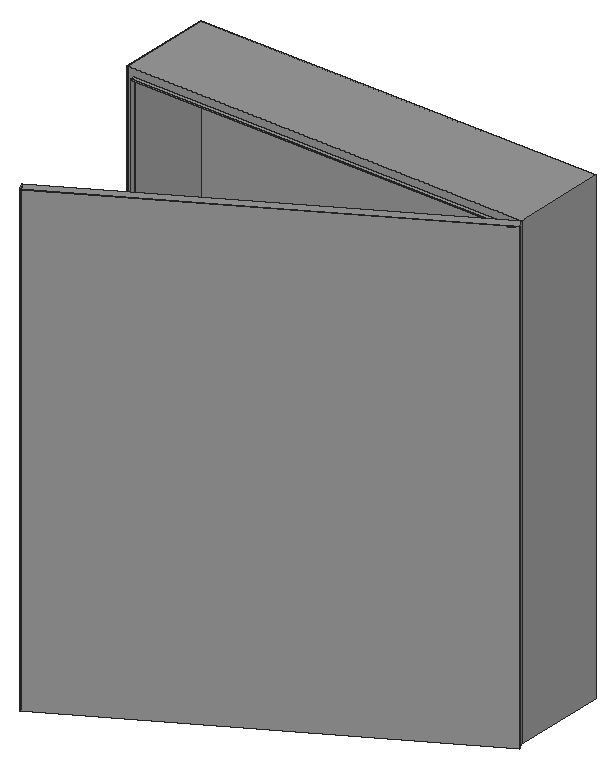
Revit family "Hager-Univers-IP44-D205-H950-Cl.II-Encl-NoHosted-NL-en", category Equipement électrique, Revit 2020
Family settings
  Configuration du panneau = Deux colonnes, circuits au sein
  Cote de connecteur circulaire = Utiliser le diamètre
  Type d'élément = Tableau de raccordement
  Basée sur le plan de construction = Oui
  Toujours verticalement = Oui
  Couper avec des vides une fois chargée = Non
  Partagée = Non
  Point de calcul de pièce = Non
Parameters (values of type "Surface mounted (plaster) IP44 W800 H950 D205  - FP63QS")
  Width Control [instance] = if([EF000008 - Width] > Min Width, [EF000008 - Width], Min Width)  # 800 mm
  Commentaires du type = [HG000003 - Range]  # "Univers"
  Thickness Door [instance] = if([EF009171 - Material plate thickness door/cover] > 3 mm, 3 mm, [EF009171 - Material plate thickness door/cover])  # 1 mm
  Seal Frame Offset [instance] = 17 mm  # constant formula
  Plinth Visibility [instance] = [HG000027 - Plinth height] > 0 mm  # no
  Min Width [instance] = 100 mm  # constant formula
  Min Depth [instance] = (2 * [EF009170 - Material plate thickness cabinet]) + 1 mm  # 3 mm
  Min Height [instance] = 100 mm  # constant formula
  Internal Frame Depth [instance] = (Door System Depth * 0.5)  # 9 mm
  Panel Name [instance] = ""  # (empty or 0)
  Model = ""
  HG000027 - Plinth height = 0 mm
  HG000026 - Floor standing = no
  HG000024 - Bottom section height = 600 mm
  HG000023 - Double section enclosure = no
  HG000016 - Door 3d visibility [instance] = yes
  HG000015 - Clearance visibility [instance] = no
  HG000014 - Door on the right [instance] = yes
  HG000013 - Door on the left [instance] = not([HG000014 - Door on the right])  # no
  HG000012 - Door swing angle [instance] = 30.00°
  HG000010 - Asymmetric doors = no
  HG000009 - Double swing door = no
  HG000006 - Flush mounted = no
  HG000004 - Manufacturer reference = "FP63QS"
  HG000003 - Range = "Univers"
  HG000002 - With door or cover = yes
  Frame Offset Bottom [instance] = 10 mm  # constant formula
  Frame Offset [instance] = 15 mm  # constant formula
  EF015940 - Cover with overpressure release = no
  EF011959 - Degree of protection (NEMA) = ""
  EF009554 - Number of openings for flange plates = 6
  EF009212 - Cover model = "EV000116 - Closed"
  EF009171 - Material plate thickness door/cover = 1 mm
  EF009170 - Material plate thickness cabinet = 1 mm
  EF008873 - Nominal current (In) = 250 A
  EF007800 - Suitable for lightning protection = no
  EF006306 - With lock = no
  EF006244 - Transparent cover/door = no
  EF005474 - Degree of protection (IP) = "EV006418 - IP44"
  EF004464 - Type of door = "EV002646 - Single"
  EF004427 - Number of modules = 216
  EF004293 - Impact strength = "EV006815 - IK09"
  EF003532 - Suitable for outdoor use = no
  EF002950 - Width in number of modular spacings = 36
  EF001613 - Circuit integrity = "EV000494 - None"
  EF001596 - Material housing = "EV000179 - Steel"
  EF001131 - Internal depth = 143 mm
  EF001088 - Extension possible = yes
  EF000437 - Number of conduit inlets = 6
  EF000339 - Type of cover = "EV001012 - Cover"
  EF000266 - Number of rows = 6
  EF000218 - Built-in depth = 0 mm
  EF000118 - With mounting plate = no
  EF000116 - RAL-number = "9010"
  EF000049 - Depth = 205 mm
  EF000040 - Height = 950 mm
  EF000008 - Width = 800 mm
  EF000007 - Colour = "EV000202 - White"
  EF000003 - Mounting method = "EV000384 - Surface mounted (plaster)"
  Door System Leaf Tolerance [instance] = 1.5 mm  # constant formula
  Door System Depth [instance] = 18 mm  # constant formula
  Door Height [instance] = Height Control - [HG000027 - Plinth height]  # 950 mm
  Description = ""
  Default Elevation = 1219.2 mm
  Connector Offset [instance] = Height Control / 2  # 475 mm
  Fabricant = "Hager"  # constant formula
  Height Control [instance] = if([EF000040 - Height] > Min Height, [EF000040 - Height], Min Height)  # 950 mm
  Depth Control [instance] = if([EF000049 - Depth] > Min Depth, [EF000049 - Depth], Min Depth)  # 205 mm
  Bottom Top Plate Trim [instance] = 1.5 mm  # constant formula
  Plinth height Ctrl [instance] = if([HG000027 - Plinth height] > 0 mm, [HG000027 - Plinth height], 12 mm)  # 12 mm
Types (5, lengths in mm): name | Width Control | HG000009 - Double swing door | HG000004 - Manufacturer reference | EF009554 - Number of openings for flange plates | EF004464 - Type of door | EF004427 - Number of modules | EF002950 - Width in number of modular spacings | EF001131 - Internal depth | EF000437 - Number of conduit inlets | EF000008 - Width
  Surface mounted (plaster) IP44 W1050 H950 D205  - FP64QS | 1050 | yes | "FP64QS" | 8 | "EV003602 - Double" | 288 | 48 | 143 | 8 | 1050
  Surface mounted (plaster) IP44 W1300 H950 D205  - FP65QS | 1300 | yes | "FP65QS" | 10 | "EV003602 - Double" | 360 | 60 | 143 | 10 | 1300
  Surface mounted (plaster) IP44 W300 H950 D205  - FP61QS | 300 | no | "FP61QS" | 2 | "EV002646 - Single" | 72 | 12 | 143 | 2 | 300
  Surface mounted (plaster) IP44 W550 H950 D205  - FP62QS | 550 | no | "FP62QS" | 4 | "EV002646 - Single" | 144 | 24 | 130 | 4 | 550
  Surface mounted (plaster) IP44 W800 H950 D205  - FP63QS | 800 | no | "FP63QS" | 6 | "EV002646 - Single" | 216 | 36 | 143 | 6 | 800
Reference planes
  plane 1 "Center (Front/Back)": y = 0
  plane 2: z = 0
  plane 3 "Center (Left/Right)": x = 0
  plane 4: y = 0
  plane 5: y = 0
  plane 6: z = 0
  plane 7: x = -400
  plane 8: x = 400
  plane 9: x = 399
  plane 10: x = -399
  plane 11: z = 0
  plane 12: z = 1
  plane 13: y = -205
  plane 14: y = -1
  plane 15: x = 0
  plane 16: y = -187
  plane 17: y = -204
  plane 18: y = -186
  plane 19: x = -384
  plane 20: x = 384
  plane 21: z = 11
  plane 22: x = -383
  plane 23: x = 383
  plane 24: z = 0
  plane 25: z = 950
  plane 26: z = 950
  plane 27: z = 934
  plane 28: z = 949
Forms (mm)
  Extrusion 1, solid, material "Hager_Steel_RAL7035_Light_Grey", detail levels medium+fine
    sketch origin (-208.679, -4572, 0) x (-1, 0, 0) y (0, -1, 0)
      loop
        line (191.321, -4385) -> (-608.679, -4385) -> (-608.679, -4572) -> (191.321, -4572) -> (191.321, -4385)
    from 0 to 950
  Extrusion 2, void
    sketch origin (-350.771, -205, 1219.2) x (1, 0, 0) y (0, 0, 1)
      loop
        line (-48.229, -270.2) -> (-48.229, -1218.2) -> (749.771, -1218.2) -> (749.771, -270.2) -> (-48.229, -270.2)
    from -19 to -204
  Extrusion 3, void
    sketch origin (-290.084, -187, 1219.2) x (1, 0, 0) y (0, 0, 1)
      loop
        line (-93.916, -1208.2) -> (674.084, -1208.2) -> (674.084, -285.2) -> (-93.916, -285.2) -> (-93.916, -1208.2)
    from 0 to -1
  Extrusion 4, solid, material "Hager_Steel_RAL7035_Light_Grey", visible <- "Plinth Visibility", detail levels medium+fine
    sketch origin (0, 0, 0) x (1, 0, 0) y (0, 1, 0)
      loop
        line (-400, 0) -> (-400, -187) -> (400, -187) -> (400, 0) -> (-400, 0)
    from 0 to 12 <- "Plinth height Ctrl"
  Extrusion 5, solid, material "Hager_Steel_RAL7035_Light_Grey", detail levels coarse
    sketch origin (0, 0, 0) x (1, 0, 0) y (0, 1, 0)
      loop
        line (-400, 0) -> (-400, -205) -> (400, -205) -> (400, 0) -> (-400, 0)
    from 0 to 950 <- "Height Control"
  Sweep 6, void
    path in 3D
      loop
        line (-400, -187, 12) -> (400, -187, 12) -> (400, 0, 12) -> (-400, 0, 12) -> (-400, -187, 12)
    profile origin (-400, -93.5, 12) x (1, 0, 0) y (0, 0, 1)
      loop
        line (0, 0) -> (0, -1.5) -> (1.5, -1.5)
        arc (1.5, -1.5) -> (1.061, -0.439) -> (0, 0) r 1.5
  Extrusion 7, solid, material "Hager_Steel_RAL7035_Light_Grey", detail levels fine
    sketch origin (-400, -187, 0) x (1, 0, 0) y (0, 0, 1)
      loop
        line (16, 11) -> (784, 11) -> (784, 934) -> (16, 934) -> (16, 11)
      loop
        line (15, 10) -> (785, 10) -> (785, 935) -> (15, 935) -> (15, 10)
    from 0 to 9 <- "Internal Frame Depth"
Cuts and joins
  Extrusion 2, Extrusion 3 cuts Extrusion 1
  Sweep 6 cuts Extrusion 4
Lines and regions (mm)
  Masking region 1
    outline origin (0, 0, 0) x (1, 0, 0) y (0, 1, 0)
      loop
        line (-400, 0) -> (-400, -205) -> (400, -205) -> (400, 0) -> (-400, 0)
  Masking region 2, detail levels coarse
    outline origin (-290.084, -187, 1219.2) x (-1, 0, 0) y (0, 0, 1)
      loop
        line (-690.084, -1219.2) -> (109.916, -1219.2) -> (109.916, -269.2) -> (-690.084, -269.2) -> (-690.084, -1219.2)
  Masking region 3, detail levels coarse
    outline origin (0, 0, 0) x (0, 1, 0) y (0, 0, 1)
      loop
        line (0, 0) -> (0, 950) -> (-205, 950) -> (-205, 0) -> (0, 0)
  Masking region 4, visible <- "Plinth Visibility", detail levels medium+fine
    outline origin (0, 0, 0) x (0, 1, 0) y (0, 0, 1)
      loop
        line (-1.5, 12) -> (-185.5, 12)
        arc (-185.5, 12) -> (-185.939, 10.939) -> (-187, 10.5) r 1.5
        line (-187, 10.5) -> (-187, 0) -> (0, 0) -> (0, 10.5)
        arc (0, 10.5) -> (-1.061, 10.939) -> (-1.5, 12) r 1.5
  Masking region 5, detail levels medium+fine
    outline origin (0, 0, 594.038) x (0, 1, 0) y (0, 0, 1)
      loop
        line (0, -594.038) -> (0, 355.962) -> (-187, 355.962) -> (-187, -594.038) -> (0, -594.038)
  Masking region 6, detail levels medium+fine
    outline origin (-359.7, -187, 1211.883) x (-1, 0, 0) y (0, 0, 1)
      loop
        line (-759.7, -1211.883) -> (40.3, -1211.883) -> (40.3, -261.883) -> (-759.7, -261.883) -> (-759.7, -1211.883)
  Masking region 7, visible <- "Plinth Visibility", detail levels medium+fine
    outline origin (-320.334, -187, 1041.368) x (-1, 0, 0) y (0, 0, 1)
      loop
        line (-720.334, -1041.368) -> (79.666, -1041.368) -> (79.666, -1030.868)
        arc (79.666, -1030.868) -> (78.606, -1030.429) -> (78.166, -1029.368) r 1.5
        line (78.166, -1029.368) -> (-718.834, -1029.368)
        arc (-718.834, -1029.368) -> (-719.273, -1030.429) -> (-720.334, -1030.868) r 1.5
        line (-720.334, -1030.868) -> (-720.334, -1041.368)
  sketch lines
    curve 1: line (-400, 0, 12) -> (-400, -187, 12)
    curve 2: line (-400, -187, 12) -> (400, -187, 12)
    curve 3: line (400, 0, 12) -> (-400, 0, 12)
    curve 4: line (400, -187, 12) -> (400, 0, 12)
Dimensions and locks
  locked: plane 1 "Center (Front/Back)" to plane 5
  "EF009170 - Material plate thickness cabinet": plane 7 to plane 10
  "EF009170 - Material plate thickness cabinet": plane 8 to plane 9
  equal spacing: plane 7, plane 3 "Center (Left/Right)", plane 8
  "Width Control": plane 7 to plane 8
  "Depth Control": plane 4 to plane 13
  "EF009170 - Material plate thickness cabinet": plane 4 to plane 14
  "Height Control": plane 25 to level
  "HG000027 - Plinth height": plane 11 to level
  "EF009170 - Material plate thickness cabinet": plane 12 to plane 11
  "EF009170 - Material plate thickness cabinet": plane 17 to plane 13
  "EF009170 - Material plate thickness cabinet": plane 18 to plane 16
  "Frame Offset Bottom": plane 21 to plane 12
  "Frame Offset": plane 10 to plane 19
  "Frame Offset": plane 9 to plane 20
  "Door System Depth": plane 16 to plane 13
  "Seal Frame Offset": plane 7 to plane 22
  "Seal Frame Offset": plane 8 to plane 23
  "EF009170 - Material plate thickness cabinet": plane 26 to plane 28
  "Frame Offset": plane 28 to plane 27
  "Connector Offset": plane 2 to connector elem
  "Bottom Top Plate Trim": profile plane to Sweep 6 sketch curve
  "Bottom Top Plate Trim": Sweep 6 sketch curve to Sweep 6 sketch curve
  "Plinth height Ctrl": Masking region 4 sketch curve to level
  "Plinth height Ctrl": Masking region 7 sketch curve to level
  "Thickness Door": Extrusion 7 sketch curve to Extrusion 7 sketch curve  (x4)
  "Bottom Top Plate Trim": radius of Sweep 6 sketch curve
  "Bottom Top Plate Trim": radius of Masking region 4 sketch curve  (x2)
  "Bottom Top Plate Trim": radius of Masking region 7 sketch curve  (x2)
  aligned and locked: Extrusion 2 sketch curve to plane 12
  aligned and locked: Extrusion 2 sketch curve to plane 9
  aligned and locked: Extrusion 2 sketch curve to plane 10
  aligned and locked: Extrusion 2 to plane 14
  aligned and locked: Extrusion 1 sketch curve to plane 4
  aligned and locked: plane 8 to Extrusion 1 sketch curve
  aligned and locked: plane 7 to Extrusion 1 sketch curve
  aligned and locked: Extrusion 2 to plane 18
  aligned and locked: Extrusion 3 sketch curve to plane 19
  aligned and locked: plane 20 to Extrusion 3 sketch curve
  aligned and locked: Extrusion 3 to Extrusion 2
  aligned and locked: Extrusion 3 sketch curve to plane 21
  aligned and locked: plane 3 "Center (Left/Right)" to nested 1
  aligned and locked: Extrusion 1 sketch curve to plane 16
  aligned and locked: Extrusion 4 sketch curve to cut or joined group of Extrusion 1, Extrusion 2, Extrusion 3
  aligned and locked: Masking region 1 sketch curve to plane 7
  aligned and locked: Masking region 1 sketch curve to plane 5
  aligned and locked: Masking region 1 sketch curve to plane 8
  aligned and locked: Masking region 2 sketch curve to level
  aligned and locked: level to Masking region 3 sketch curve
  aligned and locked: plane 1 "Center (Front/Back)" to Masking region 3 sketch curve
  aligned and locked: plane 13 to Masking region 3 sketch curve
  aligned and locked: plane 5 to Masking region 4 sketch curve
  aligned and locked: Masking region 2 sketch curve to plane 8
  aligned and locked: Masking region 2 sketch curve to plane 7
  aligned and locked: plane 7 to nested 2
  aligned and locked: nested 2 to plane 5
  aligned and locked: plane 5 to Masking region 5 sketch curve
  aligned and locked: plane 26 to Masking region 5 sketch curve
  aligned and locked: Extrusion 5 sketch curve to plane 8
  aligned and locked: Extrusion 5 sketch curve to plane 7
  aligned and locked: Extrusion 5 sketch curve to plane 5
  aligned and locked: Extrusion 3 sketch curve to plane 27
  aligned and locked: Extrusion 2 sketch curve to plane 28
  aligned and locked: Masking region 2 to plane 25
  aligned and locked: Extrusion 4 to plane 16
  aligned and locked: profile plane to Sweep 6 sketch curve
  aligned and locked: Masking region 5 sketch curve to plane 24
  aligned and locked: level to Masking region 4 sketch curve
  aligned and locked: Masking region 1 to plane 13
  aligned and locked: nested 1 to plane 16
  aligned and locked: Masking region 3 to plane 25
  aligned and locked: plane 16 to Masking region 4 sketch curve
  aligned and locked: Masking region 5 sketch curve to plane 16
  aligned and locked: plane 24 to plane 11
  aligned and locked: plane 26 to plane 25
  aligned and locked: plane 26 to cut or joined group of Extrusion 1, Extrusion 2, Extrusion 3
  aligned and locked: nested 1 to plane 24
  aligned and locked: Extrusion 1 to Extrusion 3
  aligned and locked: Masking region 6 sketch curve to plane 8
  aligned and locked: Masking region 6 sketch curve to plane 24
  aligned and locked: Masking region 6 sketch curve to plane 7
  aligned and locked: Masking region 6 sketch curve to plane 26
  aligned and locked: Masking region 7 sketch curve to plane 7
  aligned and locked: level to Masking region 7 sketch curve
  aligned and locked: Masking region 7 sketch curve to plane 8
  aligned and locked: Extrusion 7 sketch curve to cut or joined group of Extrusion 1, Extrusion 2, Extrusion 3  (x4)
Automatic sketch dimensions
  plane 19 to Extrusion 3 sketch curve = 0 mm
  Extrusion 3 sketch curve to plane 20 = 0 mm
  Extrusion 3 sketch curve to plane 21 = 0 mm
  Extrusion 4 sketch curve to plane 7 = 0 mm
  Extrusion 4 sketch curve to plane 8 = 0 mm
  Extrusion 4 sketch curve to plane 16 = 0 mm
  Masking region 1 sketch curve to plane 13 = 0 mm
  Masking region 2 sketch curve to plane 25 = 0 mm
  Masking region 3 sketch curve to plane 25 = 0 mm
  Extrusion 5 sketch curve to plane 13 = 0 mm
  profile plane to Sweep 6 sketch curve = 0 mm
Nested families
  nested 1: "EC000058_Univers_Door" at (0, -187, 0), Double <- "HG000009 - Double swing door", Transparent <- "EF006244 - Transparent cover/door", Angle <- "HG000012 - Door swing angle", Door_Right <- "HG000014 - Door on the right", Assymetrical <- "HG000010 - Asymmetric doors", Door <- "HG000002 - With door or cover", Width_Ctrl <- "Width Control", 3d_Door <- "HG000016 - Door 3d visibility", Clearance <- "HG000015 - Clearance visibility", Door_Left <- "HG000013 - Door on the left", Width <- "Width Control", Door_Depth <- "Door System Depth", Leaf_Tolerance <- "Door System Leaf Tolerance", Height <- "Door Height", Lock_Visibility <- "EF006306 - With lock", Thickness <- "Thickness Door", type "EC000058_Univers_Door", detail levels medium+fine
    with min_wh 3 mm, Width_Ctrl 800 mm, Width 800 mm, Transparent no, Thickness 1 mm, Seal_Material Hager_Rubber, Lock_Visibility no, Lock_Material Hager_Plastic_RAL9005_Jet_Black, Leaf_Width 800 mm, Leaf_Tolerance_External_Sides 0 mm, Leaf_Tolerance 1.5 mm, Leaf_Offset 0 mm, Leaf_Height 947 mm, Leaf_2_Width 800 mm, Leaf_2_Offset 400 mm, Leaf_1_Width 800 mm, Leaf_1_Offset 400 mm, Height_Ctrl 950 mm, Height 950 mm, Glass_Material Hager_Glass, Double_Clearance_Ctrl no, Double no, Door_Right_Ctrl yes, Door_Right yes, Door_Material Hager_Steel_RAL7035_Light_Grey, Door_Left_Ctrl no, Door_Left no, Door_Depth 18 mm, Door yes, Clearance_Material Hager_Clearance, Clearance_Depth 800 mm, Clearance_Ctrl no, Clearance no, Assymetrical no, Angle 30.00°, 3d_Door yes
  nested 2: "Hager_Enclosure_Symbol" at (-400, 0, 0), Height <- "Depth Control", Width <- "Width Control", type "Hager_Enclosure_Symbol"
    with Width_Ctrl 800 mm, Width 800 mm, Height_Ctrl 205 mm, Height 205 mm, A_Width_Int 13.453 mm, A_Width 161.438 mm, A_Height_Ctrl 179.375 mm, A_Height 179.375 mm
Connectors
  electrical at (0, 0, 475)
    settings: on plane 1 "Center (Front/Back)", index 1, voltage 0 V, apparent load 0 VA, apparent load phase1 0 VA, apparent load phase2 0 VA, apparent load phase3 0 VA, power factor 1, load classification "Other", number of poles 1, system type 30, power factor state 1, is connector primary yes, connector utility no, sub classification motor no, connector description ""
Definition of nested family "EC000058_Univers_Door"
  Parameters (values of type "EC000058_Univers_Door")
    min_wh [instance] = (2 * Thickness) + 1 mm  # 11 mm
    Width_Ctrl [instance] = 400 mm
    Width [instance] = 500 mm
    Transparent [instance] = yes
    Thickness [instance] = 5 mm
    Seal_Material [instance] = none
    Lock_Visibility [instance] = yes
    Lock_Material [instance] = none
    Leaf_Width [instance] = if((Width_Ctrl - 2 * Leaf_Tolerance_External_Sides) > 0 mm, (Width_Ctrl - 2 * Leaf_Tolerance_External_Sides), min_wh)  # 400 mm
    Leaf_Tolerance_External_Sides [instance] = 0 mm  # constant formula
    Leaf_Tolerance [instance] = 1.5 mm
    Leaf_Offset [instance] = 0 mm  # constant formula
    Leaf_Height [instance] = if((Height_Ctrl - 2 * Leaf_Tolerance) > 0 mm, (Height_Ctrl - 2 * Leaf_Tolerance), min_wh)  # 497 mm
    Leaf_2_Width [instance] = if(and(and(Double, Assymetrical), Door_Left), (Leaf_Width / 3) - (Leaf_Tolerance / 2), if(and(and(Double, Assymetrical), Door_Right), (Leaf_Width / 3) * 2 - (Leaf_Tolerance / 2), if(and(Double, not(Assymetrical)), (Leaf_Width / 2) - Leaf_Tolerance, Leaf_Width)))  # 400 mm
    Leaf_2_Offset [instance] = if(and(Double, Assymetrical), Leaf_2_Width / 2, if(and(Double, not(Assymetrical)), Leaf_Width / 4, Leaf_Width / 2))  # 200 mm
    Leaf_1_Width [instance] = if(and(and(Double, Assymetrical), Door_Right), (Leaf_Width / 3) - (Leaf_Tolerance / 2), if(and(and(Double, Assymetrical), Door_Left), (Width / 3) * 2 - (Leaf_Tolerance / 2), if(and(Double, not(Assymetrical)), (Leaf_Width / 2) - Leaf_Tolerance, Leaf_Width)))  # 400 mm
    Leaf_1_Offset [instance] = if(and(Double, Assymetrical), Leaf_1_Width / 2, if(and(Double, not(Assymetrical)), Leaf_Width / 4, Leaf_Width / 2))  # 200 mm
    Height_Ctrl [instance] = if(Height > min_wh, Height, min_wh)  # 500 mm
    Height [instance] = 500 mm
    Glass_Material [instance] = none
    Double_Clearance_Ctrl [instance] = and(Double, Clearance)  # no
    Double [instance] = no
    Door_Right_Ctrl [instance] = and(or(Door_Right, Double), Door)  # yes
    Door_Right [instance] = yes
    Door_Material [instance] = none
    Door_Left_Ctrl [instance] = and(or(Door_Left, Double), Door)  # no
    Door_Left [instance] = no
    Door_Depth [instance] = 30 mm
    Door [instance] = yes
    Default Elevation = 1219.2 mm
    Clearance_Material [instance] = none
    Clearance_Depth [instance] = if(Leaf_1_Width > Leaf_2_Width, Leaf_1_Width, Leaf_2_Width)  # 400 mm
    Clearance_Ctrl [instance] = and(not(Double), Clearance)  # yes
    Clearance [instance] = yes
    Assymetrical [instance] = yes
    Angle [instance] = 30.00°
    3d_Door [instance] = yes
  Reference planes
    plane 1 "Center (Front/Back)": y = 0
    plane 2 "Bottom": z = 0
    plane 3 "Center (Left/Right)": x = 0
    plane 4: z = 500
    plane 5: x = -200
    plane 6: x = 200
    plane 7: z = 500
    plane 8: x = -200
    plane 9: z = 0
    plane 10: x = 200
    plane 11: y = 0
    plane 12: z = 1.5
    plane 13: x = -600
    plane 14: y = -400
    plane 15: x = 600
    plane 16: x = 0
    plane 17: x = 0
    plane 18: x = -200
    plane 19: x = 200
    plane 20: z = 498.5
  Forms (mm)
    Extrusion 1, solid, material <- "Clearance_Material", visible <- "Double_Clearance_Ctrl"
      sketch origin (1200, 0, 0) x (1, 0, 0) y (0, 0, -1)
        loop
          line (-1800, -498.5) -> (-600, -498.5) -> (-600, 0) -> (-1800, 0) -> (-1800, -498.5)
      from 0 to -400
  Dimensions and locks
    equal spacing: plane 5, plane 3 "Center (Left/Right)", plane 6
    "Width_Ctrl": plane 5 to plane 6
    "Leaf_Offset": plane 5 to plane 8
    "Leaf_Offset": plane 6 to plane 10
    "Leaf_Offset": plane 9 to level
    "Leaf_Offset": plane 4 to plane 7
    "Height_Ctrl": plane 4 to level
    "Leaf_Tolerance": plane 12 to plane 9
    locked: plane 11 to plane 1 "Center (Front/Back)"
    "Leaf_1_Offset": plane 18 to plane 16
    "Leaf_2_Offset": plane 17 to plane 19
    "Leaf_1_Width": plane 13 to plane 8
    "Leaf_2_Width": plane 10 to plane 15
    "Clearance_Depth": plane 14 to plane 1 "Center (Front/Back)"
    "Leaf_Tolerance_External_Sides": plane 8 to plane 18
    "Leaf_Tolerance_External_Sides": plane 19 to plane 10
    "Leaf_Tolerance": plane 7 to plane 20
    aligned and locked: level to plane 2 "Bottom"
    aligned and locked: nested 1 to plane 16
    aligned and locked: nested 2 to plane 17
    aligned and locked: Extrusion 1 to plane 13
    aligned and locked: plane 15 to Extrusion 1
    aligned and locked: Extrusion 1 to plane 14
    aligned and locked: plane 12 to nested 1
    aligned and locked: nested 2 to plane 12
    aligned and locked: Extrusion 1 to plane 11
    aligned and locked: plane 20 to Extrusion 1
    aligned and locked: nested 2 to plane 11
    aligned and locked: nested 1 to plane 11
  Automatic sketch dimensions
    Extrusion 1 sketch curve to level = 0 mm
    plane 5 to Extrusion 1 sketch curve = 400 mm
    plane 6 to Extrusion 1 sketch curve = 400 mm
    Extrusion 1 sketch curve to plane 4 = 1.5 mm
  Nested families
    nested 1: "EC000058_Univers_Door_Leaf" at (0, 0, 1.5), Width <- "Leaf_1_Width", visible <- "Door_Left_Ctrl", Leaf_Height <- "Leaf_Height", Angle <- "Angle", 3d_Door <- "3d_Door", Transparent <- "Transparent", Clearance Material <- "Clearance_Material", Clearance <- "Clearance_Ctrl", Door_Material <- "Door_Material", Glass_Material <- "Glass_Material", Door_Depth <- "Door_Depth", Lock_Material <- "Lock_Material", Seal_Material <- "Seal_Material", Lock_Visibility <- "Lock_Visibility", Thickness <- "Thickness", type "EC000058_Univers_Door_Leaf"
      with Width 400 mm, Transparent_Glass_Offset 30 mm, Transparent_Ctrl yes, Transparent yes, Thickness 5 mm, Standard no, Seal_Material none, Seal_D2 8 mm, Seal_D1 1 mm, Offset_Internal_Frame 10 mm, Lock_Width 20 mm, Lock_Visibility_3d yes, Lock_Visibility yes, Lock_Thickness_3 3 mm, Lock_Thickness_2 1 mm, Lock_Thickness_1 3 mm, Lock_Radius_Offset_2 16 mm, Lock_Radius_Offset_1 15 mm, Lock_Radius_2 5 mm, Lock_Radius 6 mm, Lock_Offset 5 mm, Lock_Material none, Lock_Height 80 mm, Lock_Cover_Top_Offset_2d 17 mm, Lock_Cover_Height -65 mm, Leaf_Height 497 mm, Internal_Seal_Thickness 8 mm, Internal_Seal_Depth_2 4.5 mm, Internal_Frame_Depth 25 mm, Glass_Thickness -1 mm, Glass_Offset -2 mm, Glass_Material none, Door_Material none, Door_Depth 30 mm, Clearance Material none, Clearance yes, Angle_Ctrl 30.00°, Angle 30.00°, 3d_Door yes
    nested 2: "EC000058_Univers_Door_Leaf" at (0, 0, 1.5) x (-1, 0, 0) z (0, 0, 1), Width <- "Leaf_2_Width", visible <- "Door_Right_Ctrl", Leaf_Height <- "Leaf_Height", Angle <- "Angle", 3d_Door <- "3d_Door", Transparent <- "Transparent", Clearance Material <- "Clearance_Material", Clearance <- "Clearance_Ctrl", Door_Material <- "Door_Material", Glass_Material <- "Glass_Material", Door_Depth <- "Door_Depth", Lock_Material <- "Lock_Material", Seal_Material <- "Seal_Material", Lock_Visibility <- "Lock_Visibility", Thickness <- "Thickness", type "EC000058_Univers_Door_Leaf"
      with Width 400 mm, Transparent_Glass_Offset 30 mm, Transparent_Ctrl yes, Transparent yes, Thickness 5 mm, Standard no, Seal_Material none, Seal_D2 8 mm, Seal_D1 1 mm, Offset_Internal_Frame 10 mm, Lock_Width 20 mm, Lock_Visibility_3d yes, Lock_Visibility yes, Lock_Thickness_3 3 mm, Lock_Thickness_2 1 mm, Lock_Thickness_1 3 mm, Lock_Radius_Offset_2 16 mm, Lock_Radius_Offset_1 15 mm, Lock_Radius_2 5 mm, Lock_Radius 6 mm, Lock_Offset 5 mm, Lock_Material none, Lock_Height 80 mm, Lock_Cover_Top_Offset_2d 17 mm, Lock_Cover_Height -65 mm, Leaf_Height 497 mm, Internal_Seal_Thickness 8 mm, Internal_Seal_Depth_2 4.5 mm, Internal_Frame_Depth 25 mm, Glass_Thickness -1 mm, Glass_Offset -2 mm, Glass_Material none, Door_Material none, Door_Depth 30 mm, Clearance Material none, Clearance yes, Angle_Ctrl 30.00°, Angle 30.00°, 3d_Door yes
  Definition of nested family "EC000058_Univers_Door_Leaf"
    Parameters (values of type "EC000058_Univers_Door_Leaf")
      Width [instance] = 2000 mm
      Transparent_Glass_Offset [instance] = 30 mm
      Transparent_Ctrl [instance] = and(Transparent, [3d_Door])  # yes
      Transparent [instance] = yes
      Thickness [instance] = 5 mm
      Standard [instance] = and(not(Transparent), [3d_Door])  # no
      Seal_Material [instance] = none
      Seal_D2 [instance] = 8 mm  # constant formula
      Seal_D1 [instance] = 1 mm  # constant formula
      Offset_Internal_Frame [instance] = 10 mm  # constant formula
      Lock_Width [instance] = 20 mm  # constant formula
      Lock_Visibility_3d [instance] = and(Lock_Visibility, [3d_Door])  # yes
      Lock_Visibility [instance] = yes
      Lock_Thickness_3 [instance] = 3 mm  # constant formula
      Lock_Thickness_2 [instance] = 1 mm  # constant formula
      Lock_Thickness_1 [instance] = 3 mm  # constant formula
      Lock_Radius_Offset_2 [instance] = Lock_Radius_Offset_1 + 1 mm  # 16 mm
      Lock_Radius_Offset_1 [instance] = 15 mm  # constant formula
      Lock_Radius_2 [instance] = Lock_Radius - 1 mm  # 5 mm
      Lock_Radius [instance] = 6 mm  # constant formula
      Lock_Offset [instance] = 5 mm  # constant formula
      Lock_Material [instance] = none
      Lock_Height [instance] = 80 mm  # constant formula
      Lock_Cover_Top_Offset_2d [instance] = Lock_Radius_Offset_2 + 1 mm  # 17 mm
      Lock_Cover_Height [instance] = -(Lock_Height - Lock_Radius_Offset_1)  # -65 mm
      Leaf_Height [instance] = 2720.336 mm
      Internal_Seal_Thickness [instance] = 8 mm  # constant formula
      Internal_Seal_Depth_2 [instance] = 4.5 mm  # constant formula
      Internal_Frame_Depth [instance] = if(Door_Depth - Thickness > 5 mm, Door_Depth - Thickness, 5 mm)  # 25 mm
      Glass_Thickness [instance] = if(Thickness > 15 mm, Glass_Offset + 10 mm, -1 mm)  # -1 mm
      Glass_Offset [instance] = if(Thickness > 15 mm, -(Thickness + 10 mm) / 2, -2 mm)  # -2 mm
      Glass_Material [instance] = none
      Door_Material [instance] = none
      Door_Depth [instance] = 30 mm
      Default Elevation = 0 mm
      Clearance Material [instance] = none
      Clearance [instance] = yes
      Angle_Ctrl [instance] = if(Angle > 180.00°, 180.00°, Angle)  # 90.00°
      Angle [instance] = 90.00°
      3d_Door [instance] = yes
    Reference planes
      plane 1 "Center (Front/Back)": y = 0
      plane 2: z = 0
      plane 3 "Center (Left/Right)": x = 0
      plane 4: y = 2000
      plane 5: x = -1000
      plane 6: x = 1000
      plane 7: x = -3000
      plane 8: z = 2720.336
      plane 9: z = 30
      plane 10: z = 2690.336
      plane 11: x = 970
      plane 12: x = -970
      plane 13: y = -3
      plane 14: z = 107.833
      plane 15: y = -5
      plane 16: y = -223.314
      plane 17: x = -1000
      plane 18: z = 1360.168
      plane 19: y = 30
    Forms (mm)
      Extrusion 1, solid, material <- "Clearance Material", visible <- "Clearance"
        sketch origin (0, 0, 0) x (1, 0, 0) y (0, 0, 1)
          loop
            line (-3000, 2720.336) -> (-3000, 0) -> (1000, 0) -> (1000, 2720.336) -> (-3000, 2720.336)
        from 0 to -2000
      Extrusion 2, solid, material <- "Door_Material", visible <- "Standard", detail levels medium+fine
        sketch origin (-1000, 0, 0) x (0, 1, 0) y (-1, 0, 0)
          loop
            line (0, 30) -> (0, 25) -> (2000, 25) -> (2000, 30) -> (0, 30)
        from 0 to 2720.336 <- "Leaf_Height"
      Extrusion 3, solid, material <- "Door_Material", visible <- "Transparent_Ctrl", detail levels medium+fine
        sketch origin (-1000, 0, 0) x (0, 1, 0) y (-1, 0, 0)
          loop
            line (0, 25) -> (2000, 25) -> (2000, 30) -> (0, 30) -> (0, 25)
        from 0 to 2720.336 <- "Leaf_Height"
      Extrusion 4, void
        sketch origin (-1025, 2000, 0) x (0, 1, 0) y (0, 0, -1)
          loop
            line (-30, -2690.336) -> (-30, -30) -> (-1970, -30) -> (-1970, -2690.336) -> (-30, -2690.336)
        from 0 to 5 <- "Thickness"
      Sweep 5, solid, material <- "Seal_Material", visible <- "Transparent_Ctrl", detail levels fine
        path in 3D
          loop
            line (-1025, 30, 30) -> (-1025, 30, 2690.336) -> (-1025, 1970, 2690.336) -> (-1025, 1970, 30) -> (-1025, 30, 30)
        profile origin (-1025, 1000, 30) x (1, 0, 0) y (0, 0, 1)
          loop
            line (0, 0) -> (0, -8) -> (1, -8) -> (1, 0) -> (0, 0)
      Extrusion 6, solid, material <- "Glass_Material", visible <- "Transparent_Ctrl", detail levels medium+fine
        sketch origin (-1030, 0, 0) x (0, 1, 0) y (0, 0, -1)
          loop
            line (1970, -2690.336) -> (1970, -30) -> (30, -30) -> (30, -2690.336) -> (1970, -2690.336)
        from -2 <- "Glass_Offset" to -1 <- "Glass_Thickness"
      Extrusion 7, solid, material <- "Door_Material", visible <- "3d_Door", detail levels medium+fine
        sketch origin (-1025, 2000, 0) x (0, -1, 0) y (0, 0, -1)
          loop
            line (0, -2720.336) -> (2000, -2720.336) -> (2000, 0) -> (0, 0) -> (0, -2720.336)
          loop
            line (1995, -5) -> (5, -5) -> (5, -2715.336) -> (1995, -2715.336) -> (1995, -5)
        from 0 to 25 <- "Internal_Frame_Depth"
      Sweep 8, solid, material <- "Seal_Material", visible <- "Transparent_Ctrl", detail levels fine
        path in 3D
          loop
            line (-1025, 0, 0) -> (-1025, 2000, 0) -> (-1025, 2000, 2720.336) -> (-1025, 0, 2720.336) -> (-1025, 0, 0)
        profile origin (-1025, 0, 1360.168) x (1, 0, 0) y (0, 1, 0)
          loop
            line (0, 10) -> (2.975, 10)
            arc (2.975, 10) -> (4.053, 10.447) -> (4.5, 11.525) r 1.525
            line (4.5, 11.525) -> (4.5, 16.527)
            arc (4.5, 16.527) -> (4.069, 17.569) -> (3.027, 18) r 1.473
            line (3.027, 18) -> (0, 18) -> (0, 10)
      Extrusion 9, solid, material <- "Lock_Material", visible <- "Lock_Visibility_3d", detail levels fine
        sketch origin (-1030, 0, 0) x (0, 1, 0) y (0, 0, -1)
          loop
            arc (1993.5, -1400.168) -> (1994.561, -1399.729) -> (1995, -1398.668) r 1.5
            line (1995, -1398.668) -> (1995, -1320.168) -> (1975, -1320.168) -> (1975, -1398.668)
            arc (1975, -1398.668) -> (1975.439, -1399.729) -> (1976.5, -1400.168) r 1.5
            line (1976.5, -1400.168) -> (1993.5, -1400.168)
        from 3 <- "Lock_Thickness_1" to 0
      Blend 10, solid, material <- "Lock_Material", visible <- "Lock_Visibility_3d", detail levels fine
        base sketch origin (-1033, 0, 0) x (0, 1, 0) y (0, 0, -1)
          loop
            line (1975, -1320.168) -> (1975, -1398.668)
            arc (1975, -1398.668) -> (1975.439, -1399.729) -> (1976.5, -1400.168) r 1.5
            line (1976.5, -1400.168) -> (1993.5, -1400.168)
            arc (1993.5, -1400.168) -> (1994.561, -1399.729) -> (1995, -1398.668) r 1.5
            line (1995, -1398.668) -> (1995, -1320.168) -> (1975, -1320.168)
        top sketch origin (-1033, 0, 0) x (0, 1, 0) y (0, 0, -1)
          loop
            line (1976, -1320.168) -> (1976, -1398.668)
            arc (1976, -1398.668) -> (1976.146, -1399.022) -> (1976.5, -1399.168) r 0.5
            line (1976.5, -1399.168) -> (1993.5, -1399.168)
            arc (1993.5, -1399.168) -> (1993.854, -1399.022) -> (1994, -1398.668) r 0.5
            line (1994, -1398.668) -> (1994, -1320.168) -> (1976, -1320.168)
        from 0 to 1 <- "Lock_Thickness_2"
      Blend 11, solid, material <- "Lock_Material", visible <- "Lock_Visibility_3d", detail levels fine
        base sketch origin (-1034, 0, 0) x (0, 1, 0) y (0, 0, -1)
          loop
            line (1978, -1320.168) -> (1978, -1384.168)
            arc (1978, -1384.168) -> (1985, -1391.168) -> (1992, -1384.168) r 7
            line (1992, -1384.168) -> (1992, -1320.168) -> (1978, -1320.168)
        top sketch origin (-1034, 0, 0) x (0, 1, 0) y (0, 0, -1)
          loop
            line (1991, -1320.168) -> (1979, -1320.168) -> (1979, -1383.168)
            arc (1979, -1383.168) -> (1985, -1389.168) -> (1991, -1383.168) r 6
            line (1991, -1383.168) -> (1991, -1320.168)
        from 0 to 3 <- "Lock_Thickness_3"
      Extrusion 12, solid, material <- "Lock_Material", visible <- "Lock_Visibility_3d", detail levels fine
        sketch origin (-1030, 1975, 1320.168) x (1, 0, 0) y (0, -1, 0)
          loop
            line (-7, -19) -> (-7, -1) -> (0, -1) -> (0, 0) -> (-8, 0) -> (-8, -20) -> (0, -20) -> (0, -19) -> (-7, -19)
        from 0 to -65 <- "Lock_Cover_Height"
      Extrusion 13, void
        sketch origin (-1038, 1995, 1320.168) x (-1, 0, 0) y (0, 0, -1)
          loop
            line (-5, -65) -> (0, -65) -> (-5, -60) -> (-5, -65)
        from 0 to 20 <- "Lock_Width"
      Extrusion 14, void
        sketch origin (-1038, 1975, 1320.168) x (0, -1, 0) y (0, 0, -1)
          loop
            circle (-10, -15.995) r 6
          loop
            circle (-10, -15.995) r 5
        from 0 to 2
      Extrusion 15, solid, material <- "Lock_Material", visible <- "Lock_Visibility_3d", detail levels medium
        sketch origin (-1030, 0, 0) x (0, 1, 0) y (0, 0, -1)
          loop
            arc (1993.5, -1400.168) -> (1994.561, -1399.729) -> (1995, -1398.668) r 1.5
            line (1995, -1398.668) -> (1995, -1320.168) -> (1975, -1320.168) -> (1975, -1398.668)
            arc (1975, -1398.668) -> (1975.439, -1399.729) -> (1976.5, -1400.168) r 1.5
            line (1976.5, -1400.168) -> (1993.5, -1400.168)
        from 8 to 0
    Cuts and joins
      Extrusion 4 cuts Extrusion 3
      Extrusion 13, Extrusion 14 cuts Extrusion 9
      Extrusion 14 cuts Blend 11
      Extrusion 13, Extrusion 14 cuts Extrusion 12
      joined: Extrusion 9, Blend 10, Blend 11, Extrusion 12
      Extrusion 14 cuts Extrusion 15
    Lines and regions (mm)
      Masking region 1, visible <- "Lock_Visibility", detail levels fine
        outline origin (0, 0, 0) x (0, 1, 0) y (0, 0, 1)
          loop
            line (30, 1320.168) -> (33, 1320.168) -> (33, 1400.168) -> (30, 1400.168) -> (30, 1320.168)
      Masking region 2, visible <- "Lock_Visibility", detail levels fine
        outline origin (0, 3.143, 0) x (0, 1, 0) y (0, 0, 1)
          loop
            line (29.857, 1354.168) -> (30.857, 1354.168) -> (30.857, 1366.168) -> (29.857, 1366.168) -> (29.857, 1354.168)
      Masking region 3, detail levels medium+fine
        outline origin (0, 0, 0) x (0, 1, 0) y (0, 0, 1)
          loop
            line (0, 0) -> (30, 0) -> (30, 2720.336) -> (0, 2720.336) -> (0, 0)
      Masking region 4, detail levels medium+fine
        outline origin (0, 0, 0) x (1, 0, 0) y (0, 0, 1)
          loop
            line (-1000, 2720.336) -> (-1000, 0) -> (1000, 0) -> (1000, 2720.336) -> (-1000, 2720.336)
      Masking region 5, visible <- "Lock_Visibility", detail levels fine
        outline origin (-47.116, 0, 0) x (1, 0, 0) y (0, 0, 1)
          loop
            arc (1024.616, 1399.168) -> (1023.556, 1398.729) -> (1023.116, 1397.668) r 1.5
            line (1023.116, 1397.668) -> (1023.116, 1320.168) -> (1041.116, 1320.168) -> (1041.116, 1397.668)
            arc (1041.116, 1397.668) -> (1040.677, 1398.729) -> (1039.616, 1399.168) r 1.5
            line (1039.616, 1399.168) -> (1024.616, 1399.168)
      Masking region 6, visible <- "Lock_Visibility", detail levels medium+fine
        outline origin (-25, 0, 0) x (1, 0, 0) y (0, 0, 1)
          loop
            arc (1001.5, 1400.168) -> (1000.439, 1399.729) -> (1000, 1398.668) r 1.5
            line (1000, 1398.668) -> (1000, 1320.168) -> (1020, 1320.168) -> (1020, 1398.668)
            arc (1020, 1398.668) -> (1019.561, 1399.729) -> (1018.5, 1400.168) r 1.5
            line (1018.5, 1400.168) -> (1001.5, 1400.168)
      Masking region 7, visible <- "Lock_Visibility", detail levels fine
        outline origin (-73.735, 0, 0) x (1, 0, 0) y (0, 0, 1)
          loop
            line (1051.735, 1382.168) -> (1065.735, 1382.168) -> (1065.735, 1384.168)
            arc (1065.735, 1384.168) -> (1058.735, 1391.168) -> (1051.735, 1384.168) r 7
            line (1051.735, 1384.168) -> (1051.735, 1382.168)
      Masking region 8, visible <- "Lock_Visibility", detail levels fine
        outline origin (-73.735, 0, 0) x (1, 0, 0) y (0, 0, 1)
          loop
            line (1052.735, 1382.168) -> (1064.735, 1382.168) -> (1064.735, 1383.168)
            arc (1064.735, 1383.168) -> (1058.735, 1389.168) -> (1052.735, 1383.168) r 6
            line (1052.735, 1383.168) -> (1052.735, 1382.168)
      Masking region 9, visible <- "Lock_Visibility", detail levels fine
        outline origin (-25, 0, 0) x (1, 0, 0) y (0, 0, 1)
          loop
            line (1020, 1320.168) -> (1020, 1382.168) -> (1000, 1382.168) -> (1000, 1320.168) -> (1020, 1320.168)
      Masking region 10, detail levels medium+fine
        outline origin (0, 0, 0) x (1, 0, 0) y (0, 0, 1)
          loop
            circle (985, 1335.144) r 6
      Masking region 11, detail levels fine
        outline origin (0, 0, 0) x (1, 0, 0) y (0, 0, 1)
          loop
            circle (985, 1335.144) r 5
      Masking region 12, visible <- "Lock_Visibility", detail levels fine
        outline origin (0, 12.767, 0) x (0, 1, 0) y (0, 0, 1)
          loop
            line (20.233, 1320.168) -> (21.233, 1320.168) -> (21.233, 1399.168) -> (20.233, 1400.168) -> (20.233, 1320.168)
      Masking region 13, visible <- "Lock_Visibility", detail levels fine
        outline origin (0, 13.767, -10) x (0, 1, 0) y (0, 0, 1)
          loop
            line (20.233, 1330.168) -> (23.233, 1330.168) -> (23.233, 1399.168) -> (20.233, 1402.168) -> (20.233, 1330.168)
      Masking region 14, visible <- "Lock_Visibility", detail levels fine
        outline origin (0, 12.767, -10) x (0, 1, 0) y (0, 0, 1)
          loop
            line (20.233, 1330.168) -> (25.233, 1330.168) -> (25.233, 1399.305) -> (20.233, 1394.305) -> (20.233, 1330.168)
      Masking region 15, visible <- "Lock_Visibility", detail levels medium
        outline origin (0, 0, 0) x (0, 1, 0) y (0, 0, 1)
          loop
            line (30, 1320.168) -> (38, 1320.168) -> (38, 1400.168) -> (30, 1400.168) -> (30, 1320.168)
      Masking region 16, visible <- "Lock_Visibility", detail levels fine
        outline origin (-1000, 0, 0) x (0, 1, 0) y (-1, 0, 0)
          loop
            line (1975, 30) -> (1995, 30) -> (1995, 38) -> (1975, 38) -> (1975, 30)
          loop
            line (1979, 37) -> (1976, 37) -> (1976, 34) -> (1978, 34) -> (1979, 37)
          loop
            line (1994, 37) -> (1991, 37) -> (1992, 34) -> (1994, 34) -> (1994, 37)
      Masking region 17, visible <- "Lock_Visibility", detail levels medium
        outline origin (-1000, 0, 0) x (0, 1, 0) y (-1, 0, 0)
          loop
            line (1975, 30) -> (1995, 30) -> (1995, 38) -> (1975, 38) -> (1975, 30)
      symbolic lines
        curve 1: line (1000, 0, 0) -> (-3000, 0, 0)
        curve 2: arc (1000, 0, 0) -> (-1000, 2000, 0) -> (-3000, 0, 0) r 2000
        curve 4: line (-1030, 0, 0) -> (-1030, 2000, 0)
      reference lines
        curve 3: line (-1000, 0, 0) -> (-1000, 2000, 0)
      symbolic lines, detail levels medium+fine
        curve 5: line (-1030, 2000, 0) -> (-1025, 2000, 0)
        curve 7: line (-1025, 0, 0) -> (-1030, 0, 0)
        curve 8: line (-1025, 0, 0) -> (-1000, 0, 0)
        curve 9: line (-1000, 0, 0) -> (-1000, 2000, 0)
        curve 10: line (-1000, 2000, 0) -> (-1025, 2000, 0)
      symbolic lines, detail levels fine
        curve 6: line (-1025, 2000, 0) -> (-1025, 0, 0)
      sketch lines
        curve 11: line (-1025, 0, 2720.336) -> (-1025, 0, 0)
        curve 12: line (-1025, 2000, 0) -> (-1025, 0, 0)
        curve 13: line (-1025, 2000, 2720.336) -> (-1025, 2000, 0)
        curve 14: line (-1025, 0, 2720.336) -> (-1025, 2000, 2720.336)
        curve 15: line (-1025, 1970, 30) -> (-1025, 30, 30)
        curve 16: line (-1025, 30, 30) -> (-1025, 30, 2690.336)
        curve 17: line (-1025, 1970, 2690.336) -> (-1025, 1970, 30)
        curve 18: line (-1025, 30, 2690.336) -> (-1025, 1970, 2690.336)
      symbolic lines, visible <- "Transparent", detail levels medium+fine
        curve 19: line (-970, 0, 2690.336) -> (970, 0, 2690.336)
        curve 20: line (-970, 0, 30) -> (-970, 0, 2690.336)
        curve 21: line (970, 0, 30) -> (-970, 0, 30)
        curve 22: line (970, 0, 2690.336) -> (970, 0, 30)
    Dimensions and locks
      "Width": plane 1 "Center (Front/Back)" to plane 4
      equal spacing: plane 5, plane 3 "Center (Left/Right)", plane 6
      "Width": plane 5 to plane 6
      "Width": plane 7 to plane 5
      "Leaf_Height": plane 8 to level
      "Width": curve 5 to curve 3
      "Width": curve 3 to curve 3
      plane 8 to plane 10 = 30 mm
      plane 9 to level = 30 mm
      plane 12 to plane 5 = 30 mm
      plane 6 to plane 11 = 30 mm
      Extrusion 1 to Extrusion 4 sketch curve = 30 mm
      "Transparent_Glass_Offset": curve 3 to Extrusion 4 sketch curve
      "Transparent_Glass_Offset": Extrusion 4 sketch curve to cut or joined group of Extrusion 3, Extrusion 4  (x2)
      cut or joined group of Extrusion 3, Extrusion 4 to Extrusion 6 sketch curve = 30 mm
      "Transparent_Glass_Offset": cut or joined group of Extrusion 3, Extrusion 4 to Extrusion 4 sketch curve
      "Thickness": curve 6 to curve 4
      "Thickness": Extrusion 7 sketch curve to Extrusion 7 sketch curve  (x4)
      "Door_Depth": curve 4 to curve 3
      "Offset_Internal_Frame": profile plane to Sweep 8 sketch curve
      "Internal_Seal_Thickness": Sweep 8 sketch curve to Sweep 8 sketch curve
      "Internal_Seal_Depth_2": profile plane to Sweep 8 sketch curve
      "Seal_D1": profile plane to Sweep 5 sketch curve
      "Seal_D2": profile plane to Sweep 5 sketch curve
      "Thickness": Extrusion 2 sketch curve to Extrusion 2 sketch curve
      equal spacing: Extrusion 9 sketch curve, plane 18, Extrusion 9 sketch curve  (x2)
      equal spacing: Masking region 1 sketch curve, plane 18, Masking region 1 sketch curve
      "Lock_Height": Masking region 1 sketch curve to Masking region 1 sketch curve
      "Lock_Radius": Masking region 2 sketch curve to plane 18 to Masking region 2 sketch curve
      Masking region 2 sketch curve to Masking region 1 = 1 mm
      "Door_Depth": plane 19 to plane 1 "Center (Front/Back)"
      "Lock_Thickness_1": Masking region 1 sketch curve to plane 19
      "Lock_Width": Extrusion 9 sketch curve to Extrusion 9 sketch curve
      "Lock_Height": Extrusion 9 sketch curve to Extrusion 9 sketch curve
      "Lock_Offset": cut or joined group of Extrusion 3, Extrusion 4 to Extrusion 9 sketch curve
      equal spacing: plane 8, plane 18, level
      "Lock_Radius_Offset_1": Blend 11 sketch curve to Blend 10
      locked: Blend 10 to Blend 11 sketch curve at 2  (x2)
      locked: var sketch to Blend 11 sketch curve at 1  (x2)
      "Lock_Radius_Offset_2": Blend 11 sketch curve to Blend 10
      locked: Extrusion 12 sketch curve to Extrusion 12 sketch curve at 1  (x3)
      Masking region 6 sketch curve to Masking region 6 sketch curve = 80 mm
      "Lock_Height": Masking region 6 sketch curve to Masking region 6 sketch curve
      "Lock_Width": Masking region 6 sketch curve to Masking region 6 sketch curve
      locked: Masking region 6 to Masking region 5 sketch curve at 1  (x3)
      locked: Masking region 5 to Masking region 7 sketch curve at 2  (x2)
      "Lock_Radius_Offset_1": Masking region 5 to Masking region 7 sketch curve
      "Lock_Radius_Offset_2": Masking region 5 to Masking region 8 sketch curve
      locked: Masking region 7 to Masking region 8 sketch curve at 1  (x2)
      "Lock_Cover_Top_Offset_2d": Masking region 5 to Masking region 9 sketch curve
      equal spacing: Masking region 9, Masking region 10 sketch curve, Masking region 9
      equal spacing: Masking region 9, Masking region 11 sketch curve, Masking region 9
      Extrusion 15 sketch curve to Extrusion 15 sketch curve = 80 mm
      "Lock_Width": Extrusion 15 sketch curve to Extrusion 15 sketch curve
      "Lock_Height": Extrusion 15 sketch curve to Extrusion 15 sketch curve
      equal spacing: Extrusion 15 sketch curve, plane 18, Extrusion 15 sketch curve
      "Lock_Thickness_3": Masking region 13 sketch curve to Masking region 13 sketch curve
      "Lock_Height": Masking region 12 sketch curve to Masking region 12 sketch curve
      locked: Masking region 13 sketch curve to Masking region 1 at 8
      locked: Masking region 14 sketch curve to Masking region 13 at 1
      locked: Masking region 14 sketch curve to Masking region 1 at 10.863
      "Lock_Height": Masking region 15 sketch curve to Masking region 15 sketch curve
      "Lock_Offset": Extrusion 15 sketch curve to cut or joined group of Extrusion 3, Extrusion 4
      "Lock_Offset": plane 6 to Masking region 6 sketch curve
      radius of Sweep 8 sketch curve = 1.525 mm
      radius of Sweep 8 sketch curve = 1.473 mm
      radius of Extrusion 9 sketch curve = 1.5 mm  (x2)
      "Lock_Radius": radius of Extrusion 14 sketch curve
      "Lock_Radius_2": radius of Extrusion 14 sketch curve
      "Lock_Radius": radius of Masking region 10 sketch curve
      "Lock_Radius_2": radius of Masking region 11 sketch curve
      radius of Extrusion 15 sketch curve = 1.5 mm  (x2)
      "Angle_Ctrl": angle plane 1 "Center (Front/Back)" to curve 3
      locked: Masking region 12 sketch curve to Masking region 12 sketch curve (angle 45.00°)
      locked: Masking region 13 sketch curve to Masking region 13 sketch curve (angle 45.00°)
      locked: Masking region 14 sketch curve to Masking region 14 sketch curve (angle 45.00°)
      aligned and locked: level to plane 2
      aligned and locked: Extrusion 1 to curve 1
      aligned and locked: plane 6 to Extrusion 1
      aligned and locked: Extrusion 1 to plane 1 "Center (Front/Back)"
      aligned and locked: plane 4 to Extrusion 1
      aligned and locked: plane 8 to Extrusion 1
      aligned and locked: curve 7 to Extrusion 2 sketch curve
      aligned and locked: curve 5 to Extrusion 2 sketch curve
      aligned and locked: curve 7 to Extrusion 3 sketch curve
      aligned and locked: Extrusion 3 sketch curve to curve 4
      aligned and locked: Extrusion 3 sketch curve to curve 6
      aligned and locked: Extrusion 3 sketch curve to curve 5
      aligned and locked: curve 9 to curve 3
      aligned and locked: Extrusion 7 sketch curve to cut or joined group of Extrusion 3, Extrusion 4  (x4)
      aligned and locked: plane 17 to curve 3
      aligned and locked: plane 1 "Center (Front/Back)" to curve 3
      aligned and locked: plane 17 to plane 5
      aligned and locked: Sweep 8 sketch curve to profile plane
      aligned and locked: Sweep 5 sketch curve to profile plane  (x2)
      aligned and locked: Masking region 1 to Masking region 2 sketch curve
      aligned and locked: plane 19 to Masking region 1 sketch curve
      aligned and locked: plane 1 "Center (Front/Back)" to Masking region 3 sketch curve
      aligned and locked: plane 19 to Masking region 3 sketch curve
      aligned and locked: level to Masking region 3 sketch curve
      aligned and locked: Masking region 3 sketch curve to plane 8
      aligned and locked: plane 17 to Masking region 4 sketch curve
      aligned and locked: level to Masking region 4 sketch curve
      aligned and locked: Masking region 4 sketch curve to plane 8
      aligned and locked: plane 12 to curve 20
      aligned and locked: plane 10 to curve 19
      aligned and locked: plane 11 to curve 22
      aligned and locked: curve 21 to plane 9
      aligned and locked: Extrusion 2 sketch curve to cut or joined group of Extrusion 3, Extrusion 4
      aligned and locked: Blend 10 sketch curve to Extrusion 9  (x4)
      aligned and locked: Extrusion 9 to Blend 10 sketch curve
      aligned and locked: Blend 10 to Blend 11 sketch curve
      aligned and locked: Extrusion 12 sketch curve to Blend 11
      aligned and locked: Extrusion 12 sketch curve to Extrusion 9  (x4)
      aligned and locked: Masking region 5 sketch curve to Masking region 6
      aligned and locked: Masking region 9 sketch curve to Masking region 6  (x3)
      aligned and locked: Masking region 12 sketch curve to Masking region 1
      aligned and locked: Masking region 13 sketch curve to Masking region 1
      aligned and locked: Masking region 12 to Masking region 14
      aligned and locked: Masking region 14 sketch curve to Masking region 1
      aligned and locked: Masking region 15 sketch curve to Masking region 14
      aligned and locked: Masking region 13 sketch curve to Masking region 12
      aligned and locked: Masking region 16 sketch curve to cut or joined group of Extrusion 14, Extrusion 15  (x4)
      aligned and locked: Masking region 16 sketch curve to cut or joined group of Extrusion 9, Blend 10, Blend 11, Extrusion 12, Extrusion 13, Extrusion 14  (x6)
      aligned and locked: cut or joined group of Extrusion 9, Blend 10, Blend 11, Extrusion 12, Extrusion 13, Extrusion 14 to Masking region 16 sketch curve
      aligned and locked: Masking region 17 sketch curve to cut or joined group of Extrusion 14, Extrusion 15  (x3)
      aligned and locked: Masking region 17 sketch curve to cut or joined group of Extrusion 9, Blend 10, Blend 11, Extrusion 12, Extrusion 13, Extrusion 14
      aligned and locked: Masking region 9 to Masking region 8 sketch curve
      aligned and locked: Masking region 9 to Masking region 7 sketch curve
    Automatic sketch dimensions
      plane 1 "Center (Front/Back)" to curve 2 = 0 mm
      curve 2 to plane 5 = 0 mm
      Extrusion 1 sketch curve to level = 0 mm
      Extrusion 1 sketch curve to plane 7 = 0 mm
      Extrusion 1 sketch curve to plane 6 = 0 mm
      Extrusion 1 sketch curve to plane 8 = 0 mm
      Extrusion 3 to Extrusion 6 sketch curve = 30 mm  (x4)
      Masking region 4 sketch curve to plane 6 = 0 mm
      Blend 10 sketch curve to Extrusion 9 = 1.5 mm
      Blend 10 sketch curve to Extrusion 9 = 1 mm
      Extrusion 13 sketch curve to Extrusion 12 = 0 mm  (x2)
      Extrusion 12 to Extrusion 13 sketch curve = 3 mm
      Extrusion 13 sketch curve to Extrusion 12 = 5 mm
      Extrusion 14 sketch curve to Extrusion 14 sketch curve = 0 mm  (x2)
      Extrusion 14 sketch curve to Extrusion 12 = 10 mm
      Extrusion 14 sketch curve to Extrusion 12 = 15.995 mm
      Masking region 5 sketch curve to Masking region 5 sketch curve = 1.5 mm  (x2)
      Masking region 10 sketch curve to plane 18 = 25.024 mm
      Masking region 11 sketch curve to plane 18 = 25.024 mm
      plane 19 to Masking region 14 sketch curve = 3 mm
      Masking region 16 sketch curve to Masking region 16 sketch curve = 3 mm
      curve 4 to curve 3 = 0 mm
      Blend 10 to Blend 11 sketch curve = 0 mm
      Masking region 6 sketch curve to Masking region 6 sketch curve = 1.5 mm  (x2)
      Masking region 6 sketch curve to plane 18 = 40 mm
      plane 19 to Masking region 12 sketch curve = 3 mm
      Masking region 12 sketch curve to Masking region 12 sketch curve = 1 mm
      Masking region 15 sketch curve to plane 19 = 0 mm
      Masking region 15 sketch curve to plane 18 = 40 mm
      radius of Blend 10 sketch curve to Extrusion 9 = 1 mm
Definition of nested family "Hager_Enclosure_Symbol"
  Parameters (values of type "Hager_Enclosure_Symbol")
    Width_Ctrl [instance] = if(Width > 1 mm, Width, 1 mm)  # 102.27 mm
    Width [instance] = 102.27 mm
    Height_Ctrl [instance] = if(Height > 1 mm, Height, 1 mm)  # 66.5 mm
    A_Width_Int [instance] = if(A_Width / 12 > 2 mm, A_Width / 12, 2 mm)  # 4.364 mm
    A_Width [instance] = if(A_Height_Ctrl * 0.9 > 2 mm, A_Height_Ctrl * 0.9, 2 mm)  # 52.369 mm
    A_Height_Ctrl [instance] = if(A_Height > 2 mm, A_Height, 2 mm)  # 58.188 mm
    Height [instance] = 66.5 mm
    A_Height [instance] = Height - (Height / 8)  # 58.188 mm
  Reference planes
    plane 1 "Centre (avant/arrière)": y = 0
    plane 2: z = 0
    plane 3 "Centre (gauche/droite)": x = 0
    plane 4: x = 52.369
    plane 5: y = 33.042
    plane 6: y = 41.77
    plane 7: y = 66.5
    plane 8: x = 26.184
    plane 9: y = 37.406
    plane 10: x = 102.27
    plane 11: y = 66.5
    plane 12: y = 8.313
  Lines and regions (mm)
    Filled region 1, type "Solid_Black", in view "Niveau de réf."
      outline origin (0, 0, 0) x (1, 0, 0) y (0, 1, 0)
        loop
          line (52.369, 66.5) -> (33.188, 54.536) -> (45.365, 45.006) -> (52.369, 66.5)
    Filled region 2, type "Solid_Black", in view "Niveau de réf."
      outline origin (0, 0, 0) x (1, 0, 0) y (0, 1, 0)
        loop
          line (0, 0) -> (102.27, 0) -> (102.27, 66.5) -> (0, 0)
    detail lines, in view "Niveau de réf."
      curve 1: line (0, 8.313, 0) -> (26.184, 41.77, 0)
      curve 2: line (26.184, 41.77, 0) -> (26.184, 33.042, 0)
      curve 3: line (26.184, 33.042, 0) -> (52.369, 66.5, 0)
  Dimensions and locks
    "A_Width": plane 3 "Centre (gauche/droite)" to plane 4
    equal spacing: plane 3 "Centre (gauche/droite)", plane 8, plane 4
    equal spacing: plane 6, plane 9, plane 5
    equal spacing: curve 3, Filled region 1 sketch curve, Filled region 1 sketch curve
    "Height_Ctrl": plane 1 "Centre (avant/arrière)" to plane 11
    "A_Height_Ctrl": plane 11 to plane 12
    equal spacing: plane 11, plane 9, plane 12
    "A_Width_Int": plane 6 to plane 9
    "Width_Ctrl": plane 3 "Centre (gauche/droite)" to plane 10
    angle Filled region 1 sketch curve to curve 3 = 20.00°
    angle curve 3 to Filled region 1 sketch curve = 20.00°
    locked: curve 3 to Filled region 1 sketch curve (angle 90.00°)
    aligned and locked: plane 10 to Filled region 2
    aligned and locked: plane 11 to Filled region 2 sketch curve
    aligned and locked: plane 10 to Filled region 2 sketch curve
    aligned and locked: plane 3 "Centre (gauche/droite)" to curve 1
    aligned and locked: plane 12 to curve 1
    aligned and locked: plane 7 to plane 11
  Automatic sketch dimensions
    Filled region 1 sketch curve to plane 4 = 0 mm
    Filled region 1 sketch curve to plane 7 = 0 mm
    plane 1 "Centre (avant/arrière)" to Filled region 2 sketch curve = 0 mm
    Filled region 2 sketch curve to plane 3 "Centre (gauche/droite)" = 0 mm
    curve 2 to plane 6 = 0 mm
    curve 2 to plane 8 = 0 mm
    curve 3 to plane 4 = 0 mm
    curve 2 to plane 5 = 0 mm
    curve 3 to plane 7 = 0 mm
